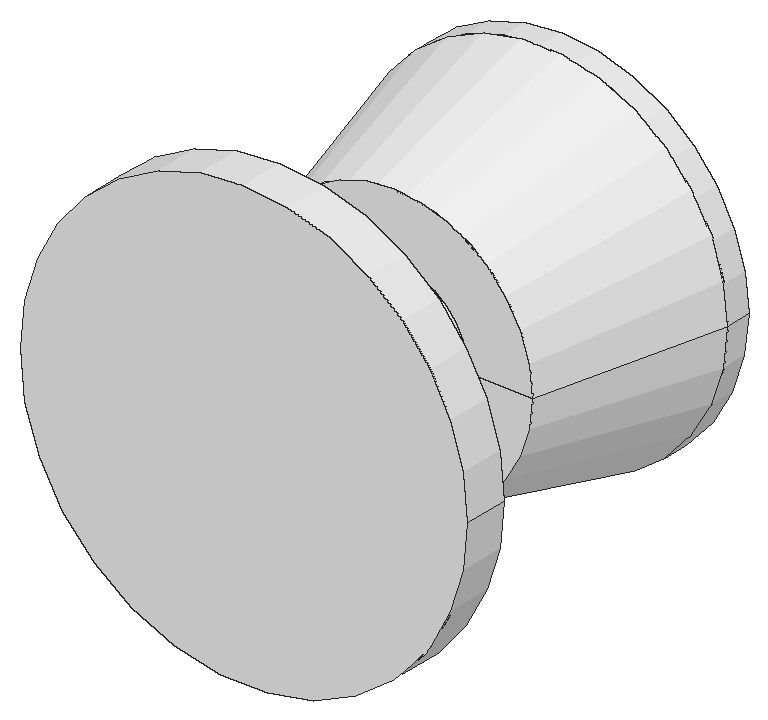
Revit family "4b13846fce48438db738498ade03794e", category Doors, Revit 2021
Family settings
  Work Plane-Based = No
  Always vertical = Yes
  Cut with Voids When Loaded = No
  Shared = No
  Room Calculation Point = No
Parameters (values of type "Standard")
  Manufacturer = ""
  Material = Aluminum
  Handle Z Distance = 0"
  Handle X Distance = 2 1/2"
  Analytic Construction = "<None>"
Reference planes (in)
  plane 1 "Center (Front/Back)": y = 0
  plane 2: z = 0
  plane 3 "Center (Left/Right)": x = 0
  plane 4: z = 0
  plane 5: x = 2.5
Forms (in)
  Extrusion 1, solid, material "Aluminum" <- "Material"
    sketch origin (0, 0, 0) x (1, 0, 0) y (0, 0, 1)
      loop
        circle (2.5, 0) r 1.1811
    from 0 to -0.23622
  Revolve 2, solid, material "Aluminum" <- "Material"
    sketch origin (0, 0, 0) x (0, -1, 0) y (1, 0, 0)
      loop
        line (-0.98425, 2.1063) -> (-0.23622, 2.1063) -> (-0.23622, 2.5) -> (-2.16535, 2.5) -> (-2.16535, 1.69386) -> (-2.09339, 1.51575) -> (-1.95703, 1.51575) -> (-0.98425, 1.76629) -> (-0.98425, 2.1063)
      axis (-0.23622, 2.5) -> (-2.16535, 2.5)
    angle from 0 to 360
Dimensions and locks (in)
  "Handle Z Distance": plane 4 to level
  "Handle X Distance": plane 5 to plane 3 "Center (Left/Right)"
Automatic sketch dimensions
  Extrusion 1 sketch curve to plane 4 = 0"
  Extrusion 1 sketch curve to plane 5 = 0"
  Revolve 2 sketch curve to plane 5 = 0"  (x2)
  Revolve 2 sketch curve to plane 1 "Center (Front/Back)" = 2.59843"
  Revolve 2 sketch curve to Revolve 2 sketch curve = 0.43307"
  Revolve 2 sketch curve to Revolve 2 sketch curve = 0.07196"
  Revolve 2 sketch curve to Revolve 2 sketch curve = 0.13637"
  Revolve 2 sketch curve to plane 1 "Center (Front/Back)" = 0.98425"
  Revolve 2 sketch curve to plane 1 "Center (Front/Back)" = 0.23622"
  Revolve 2 sketch curve to Revolve 2 sketch curve = 0"
  Revolve 2 sketch curve to Revolve 2 sketch curve = 0.3937"
  Revolve 2 sketch curve to Revolve 2 sketch curve = 0.34001"
  Revolve 2 sketch curve to Revolve 2 sketch curve = 0.80614"
  Revolve 2 sketch curve to Revolve 2 sketch curve = 0.17812"
  radius of Extrusion 1 sketch curve = 1.1811"
